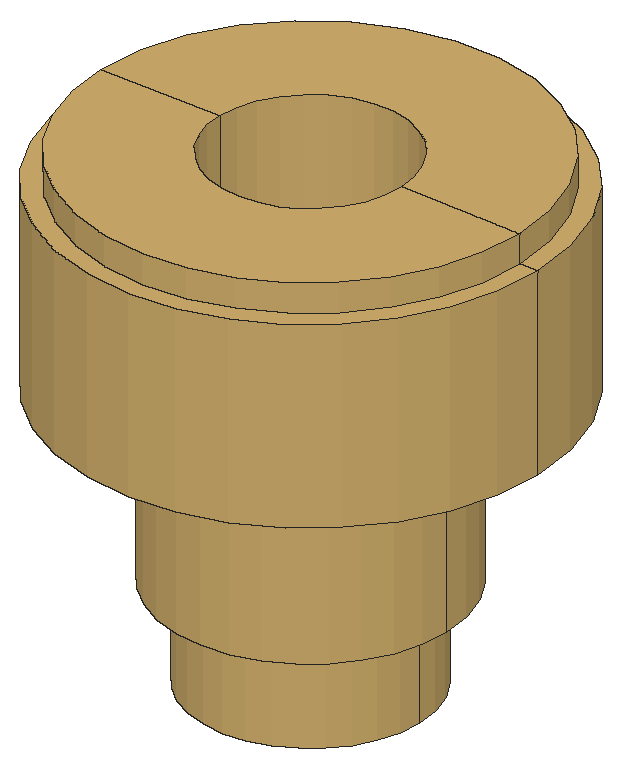
Revit family "Rückflussverhinderer 2621", category Rohrzubehör, Revit 2019
Family settings
  Bemaßung runder Anschluss = Durchmesser verwenden
  Teiletyp = Unterbricht
  OmniClass-Nummer = 23.65.55.14
  OmniClass-Titel = Valves for Liquid Services
  Arbeitsebenenbasiert = Nein
  Immer vertikal = Ja
  Beim Laden mit Abzugskörper schneiden = Nein
  Gemeinsam genutzt = Nein
Parameters
  SCTWSEQ = "FW;SBT_TYP_FW=\"108\";2"
  SCTWCODE = "04;14;02"  # constant formula
  SCRNSEQ = "AWI;AWI_TYP=\"1007\";2"
  SCRNCODE = "05;17;02"  # constant formula
  Nennweite IG = 10.000 mm  # constant formula
  Max.Betriebstemperatur = 110 °C  # constant formula
  URL = "www.herz-armaturen.at"
  Nennweite AG [instance] = 15.000 mm
  Max.Betriebsdruck = 1000000.0 Pa  # constant formula
  Hersteller = "Herz-Armaturen GmbH"  # constant formula
  H04 [instance] = if(Nennweite AG = 10.000 mm, 4.500 mm, if(Nennweite AG = 15.000 mm, 5.000 mm, 0.000 mm))  # 5.000 mm
  H03 = 9.500 mm  # constant formula
  H02 [instance] = if(Nennweite AG = 10.000 mm, 14.000 mm, if(Nennweite AG = 15.000 mm, 10.000 mm, 0.000 mm))  # 10.000 mm
  H01 = 9.500 mm  # constant formula
  H00 [instance] = if(Nennweite AG = 10.000 mm, 29.500 mm, if(Nennweite AG = 15.000 mm, 26.000 mm, 0.000 mm))  # 26.000 mm
  G2 = Nennweite IG / 2  # 5.000 mm
  G1 [instance] = Nennweite AG / 2  # 7.500 mm
  D03 [instance] = if(Nennweite AG = 10.000 mm, 4.000 mm, if(Nennweite AG = 15.000 mm, 6.000 mm, 0.000 mm))  # 6.000 mm
  D02 [instance] = if(Nennweite AG = 10.000 mm, 11.000 mm, if(Nennweite AG = 15.000 mm, 12.500 mm, 0.000 mm))  # 12.500 mm
  D01 [instance] = if(Nennweite AG = 10.000 mm, 10.000 mm, if(Nennweite AG = 15.000 mm, 11.500 mm, 0.000 mm))  # 11.500 mm
  Bestellnummer [instance] = if(Nennweite AG = 10.000 mm, 1262100, if(Nennweite AG = 15.000 mm, 1262101, 0))  # 1262101
Reference planes
  plane 1 "Mitte (Vorne/hinten)": y = 0
  plane 2: z = 0
  plane 3 "Mitte (Links/rechts)": x = 0
Forms (mm)
  Revolve 1, solid, material "Messing", detail levels fine
    sketch origin (0, 0, 0) x (1, 0, 0) y (0, 0, 1)
      loop
        line (-11.5, 21) -> (-11.5, 19.5) -> (-12.5, 19.5) -> (-12.5, 9.5) -> (-7.5, 9.5) -> (-7.5, 0) -> (-6, 0) -> (-6, -5) -> (0, -5) -> (0, 11.5) -> (-5, 11.5) -> (-5, 21) -> (-11.5, 21)
      axis (0, 21) -> (0, -5)
    angle from 0 to 360
Lines and regions (mm)
  model lines, detail levels coarse+medium
    curve 1: line (-12.5, 0, 21) -> (12.5, 0, 21)
    curve 2: line (12.5, 0, 21) -> (-12.5, 0, -5)
    curve 3: line (-12.5, 0, -5) -> (12.5, 0, -5)
    curve 4: circle (-12.5, 0, -4.998) r 5 normal (0, -1, 0)
    curve 5: line (0, -12.5, 21) -> (0, 12.5, 21)
    curve 6: line (0, 12.5, 21) -> (0, -12.5, -5)
    curve 7: line (0, -12.5, -5) -> (0, 12.5, -5)
    curve 8: circle (0, -12.5, -5) r 5 normal (1, 0, 0)
Dimensions and locks
  "H02": Revolve 1 sketch curve to Revolve 1 sketch curve
  "D01": Revolve 1 sketch curve to Revolve 1 sketch curve
  "G1": Revolve 1 sketch curve to Revolve 1 sketch curve
  "H01": Revolve 1 sketch curve to Revolve 1 sketch curve
  "D02": Revolve 1 sketch curve to Revolve 1 sketch curve
  "G2": Revolve 1 sketch curve to Revolve 1 sketch curve
  "H03": Revolve 1 sketch curve to Revolve 1 sketch curve
  "H04": Revolve 1 sketch curve to Revolve 1 sketch curve
  "H00": Revolve 1 sketch curve to Revolve 1 sketch curve
  "D03": Revolve 1 sketch curve to Revolve 1 sketch curve
  "H00": curve 1 to curve 3
  "H04": plane 2 to curve 3
  "D02": curve 2 to plane 3 "Mitte (Links/rechts)" to curve 1
  "D02": curve 3 to plane 3 "Mitte (Links/rechts)" to curve 3
  "H00": curve 7 to curve 5
  "H04": plane 2 to curve 7
  "D02": curve 5 to plane 1 "Mitte (Vorne/hinten)" to curve 6
  "D02": curve 7 to plane 1 "Mitte (Vorne/hinten)" to curve 7
  aligned and locked: level to plane 2
Automatic sketch dimensions
  curve 8 to curve 6 = 0.000 mm  (x2)
  curve 4 to curve 2 = 0.000 mm
  curve 2 to curve 4 = 0.002 mm
  Revolve 1 sketch curve to level = 0.000 mm
  Revolve 1 sketch curve to plane 3 "Mitte (Links/rechts)" = 0.000 mm  (x2)
  Revolve 1 sketch curve to Revolve 1 sketch curve = 1992.000 mm
  Revolve 1 sketch curve to Revolve 1 sketch curve = 1979.000 mm
  radius of curve 8 = 5.000 mm
  radius of curve 4 = 5.000 mm
Connectors
  piping at (0, 0, -5), diameter 15, driven by "Nennweite AG"
    settings: on Revolve 1, index 1, connector inside diameter 609.6 mm, connector length 0.000 mm, flow factor 0, pipe flow 0.0 L/s, pressure drop 0.0 Pa, fitting loss kfactor 0, connector angle 0.00°, fixture units 0, engagement length 0.000 mm, angle of deflection 0.00°, flow configuration 0, flow direction 1, fitting loss method 0, system type 29, joint type 0, gender type 0, connector reference index -1, connector utility 0, adjustable connector no, is connector primary yes, connector description ""
  piping at (0, 0, 11.5), diameter 10, driven by "Nennweite IG"
    settings: on Revolve 1, index 2, connector inside diameter 609.6 mm, connector length 0.000 mm, flow factor 0, pipe flow 0.0 L/s, pressure drop 0.0 Pa, fitting loss kfactor 0, connector angle 0.00°, fixture units 0, engagement length 0.000 mm, angle of deflection 0.00°, flow configuration 0, flow direction 2, fitting loss method 0, system type 29, joint type 0, gender type 0, connector reference index -1, connector utility 0, adjustable connector no, is connector primary no, connector description ""
